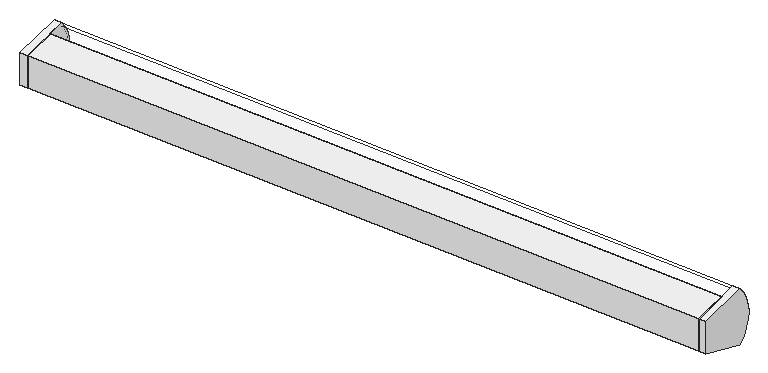
Revit family "67L-W-Bell", category Lighting Fixtures, host Wall, Revit 2014
Parameters (values of type "Note 67L-Matte White")
  Width = 48.00"
  Watts = 4.5 W
  Wattage Comments = "550 to 1800 lumens/ft"  # constant formula
  Wattage = 4.5 W
  built-in parameter 1150110 = 1 (stored number, unit not read)
  Voltage = 120 V
  URL = "https://www.hubbell.com/litecontrol/en/"
  Type Comments = "Lighting Fixture"  # constant formula
  built-in parameter 1114217 = 1 (stored number, unit not read)
  Tilt Angle = 0.00°
  built-in parameter 1150109 = 1 (stored number, unit not read)
  built-in parameter 1150134 = (empty or 0)
  built-in parameter 1150113 = 1 (stored number, unit not read)
  Photometric Web File = "67L-W-D-4-4-DM-C1-35K-D055.IES"
  Photometric Notes = "Photometric Web files Download in below link"  # constant formula
  Photometric Link = "https://resources.hubbelllighting.com/hubbelllightingci/photometry/?p=LITECONTROL/Wall/67L-W-D/"
  Glass = Hubbell - White Glass
  Product Page URL = "https://www.hubbell.com/hubbell/en/c/NOTE-67L-W-D/p/2056791"
  Product Documentation Link = "https://hubbellcdn.com/specsheet/67L-W-D.pdf"
  Power Factor = 1
  Model = "67L-W-Bell"  # constant formula
  Manufacturer = "Litecontrol"  # constant formula
  built-in parameter 1150105 = 43.33 (stored number, unit not read)
  Lumens = 544.5 lm
  built-in parameter 1150115 = 1 (stored number, unit not read)
  Load Classification = Lighting
  built-in parameter 1150137 = (empty or 0)
  built-in parameter 1150139 = (empty or 0)
  built-in parameter 1150112 = 1 (stored number, unit not read)
  built-in parameter 1150114 = 1 (stored number, unit not read)
  Lamp = "LED"  # constant formula
  built-in parameter 1150132 = (empty or 0)
  built-in parameter 1150102 = (empty or 0)
  built-in parameter 1150107 = 3500 (stored number, unit not read)
  built-in parameter 1150138 = (empty or 0)
  built-in parameter 1150106 = 0.4333 (stored number, unit not read)
  Emit from Rectangle Width = Width - 1.00"  # 47.00"
  Emit from Rectangle Length = 3.00"  # constant formula
  Emit Shape Visible in Rendering = no
  built-in parameter 1150104 = 11.241 (stored number, unit not read)
  Dimming Lamp Color Temperature Shift = <None>
  Description = "The NOTE 67L Wall Mount brings direct illumination, ADA compliance, performance and versatility, all within a slim profile and a fresh, contemporary style"  # constant formula
  Create Date = "03/21/2018"  # constant formula
  Contact Us = "https://www.hubbell.com/litecontrol/en/contactUs"
  Color Filter = 16777215
  Housing Material = Paint - Hubbell - Matte White
  built-in parameter 1114218 = 1 (stored number, unit not read)
  built-in parameter 1150133 = 10 (stored number, unit not read)
  Assembly Code = "D5020210"
  Apparent Load = Watts / Power Factor  # 4.5 VA
Types (6): name | Housing Material
  Note 67L-Carbon Black | Paint - Hubbell - Carbon Black
  Note 67L-Textured Matte White | Paint - Hubbell - Textured Matte White
  Note 67L-Light Silver | Paint - Hubbell - Light Silver
  Note 67L-Machined Aluminum | Paint - Hubbell - Machined Aluminum
  Note 67L-Textured Camera Black | Paint - Hubbell - Textured Camera Black
  Note 67L-Matte White | Paint - Hubbell - Matte White
Reference planes (in)
  plane 1 "Wall": y = 0
  plane 2 "Center (Left/Right)": x = 4.92126
  plane 3 "Back": y = 2.95276
  plane 4: y = 5.95276
  plane 5: z = 81.34304
Text (in)
  text "Placement Side" at (-36.97918, 19.73443, 0), in view "Ref. Level"
  text "Placement side" at (0, 27.32912, 79.68064), in view "Left"
  text "Placement side" at (0, 10.24977, 82.91007), in view "Right"
Dimensions and locks (in)
  locked: plane 3 "Back" to host wall
  locked: plane 3 "Back" to plane 4 at 3
  aligned and locked: plane 1 "Wall" to host wall
  aligned and locked: nested 1 to plane 2 "Center (Left/Right)"
  aligned and locked: nested 1 to plane 5
Nested families (in)
  nested 1: "Bell Light" at (2.87359, 2.95276, 81.30305) x (-1, 0, 0) z (0, 1, 0), Glass <- "Glass", Backbox <- "Housing Material", Row Length <- "Width", type "Bell Light"
    with Row Length 48.00", Glass Hubbell - White Glass, Backbox Paint - Hubbell - Matte White
Connectors (in)
  electrical at (4.92126, 2.95276, 81.34499), driven by "Load Classification", driven by "Voltage", driven by "Apparent Load", driven by "Power Factor"
    settings: on nested 1, index 1, voltage 120 V, apparent load 4.5 VA, apparent load phase1 0 VA, apparent load phase2 0 VA, apparent load phase3 0 VA, power factor 1, load classification "Lighting", number of poles 1, system type 30, power factor state 1, is connector primary yes, connector utility no, sub classification motor no, connector description "Lighting Connector"
Definition of nested family "Bell Light"
  Parameters (values of type "Bell Light")
    Wattage Comments = ""
    URL = ""
    Row Length [instance] = 24.00"
    Product Page URL = ""
    Product Documentation Link = ""
    Model = ""
    Manufacturer Phone = ""
    Manufacturer Fax = ""
    Manufacturer = ""
    Lamp = ""
    Glass [instance] = none
    Description = ""
    Default Elevation = 48.00"
    Backbox [instance] = none
  Reference planes (in)
    plane 1 "Center (Front/Back)": y = 0.03999
    plane 2: z = 0
    plane 3 "Center (Left/Right)": x = -2.04767
    plane 4: x = -14.04767
    plane 5: x = 9.95233
    plane 6: x = -13.54767
    plane 7: x = 9.45233
    plane 8: z = 3.7
    plane 9: y = -1.71001
    plane 10: y = 1.78999
    plane 11: z = 2
    plane 12: y = -0.96001
    plane 13: y = 1.03999
  Forms (in)
    Extrusion 1, solid
      sketch origin (0, 0, 0.06357) x (1, 0, 0) y (0, 1, 0)
        loop
          line (-48, 48) -> (-48, -48) -> (48, -48) -> (48, 48) -> (-48, 48)
      from -0.06357 to -6.06357
    Extrusion 2, solid, material <- "Backbox"
      sketch origin (-2.04767, 0, 0) x (0, 1, 0) y (0, 0, 1)
        loop
          line (-0.96001, 0) -> (1.0439, 0) -> (1.78999, 2.98437)
          arc (1.78999, 2.98437) -> (0.04194, 3.7) -> (-1.7061, 2.98437) r 2.49278
          line (-1.7061, 2.98437) -> (-0.96001, 0)
      from 11.5 to 12
    Extrusion 3, solid, material <- "Backbox"
      sketch origin (-2.04767, 0, 0) x (0, 1, 0) y (0, 0, 1)
        loop
          line (-0.96001, 0) -> (1.0439, 0) -> (1.78999, 2.98437)
          arc (1.78999, 2.98437) -> (0.04194, 3.7) -> (-1.7061, 2.98437) r 2.49278
          line (-1.7061, 2.98437) -> (-0.96001, 0)
      from -11.5 to -12
    Extrusion 4, solid, material <- "Glass"
      sketch origin (-2.04767, 0, 0) x (0, 1, 0) y (0, 0, 1)
        loop
          line (1.5439, 2) -> (1.78999, 2.98437)
          arc (1.78999, 2.98437) -> (0.04194, 3.7) -> (-1.7061, 2.98437) r 2.49278
          line (-1.7061, 2.98437) -> (-1.46001, 2) -> (-1.33116, 2) -> (-1.56721, 2.94418)
          arc (-1.56721, 2.94418) -> (0.04194, 3.575) -> (1.65109, 2.94418) r 2.36778
          line (1.65109, 2.94418) -> (1.41505, 2) -> (1.5439, 2)
      from -11.5 to 11.5
    Extrusion 5, solid, material <- "Backbox"
      sketch origin (-2.04767, 0, 0) x (0, 1, 0) y (0, 0, 1)
        loop
          line (-0.96001, 0) -> (1.0439, 0) -> (1.5439, 2) -> (-1.46001, 2) -> (-0.96001, 0)
      from -11.5 to 11.5
  Dimensions and locks (in)
    equal spacing: plane 5, plane 3 "Center (Left/Right)", plane 4
    plane 6 to plane 4 = 0.50"
    "Row Length": plane 5 to plane 4
    equal spacing: plane 7, plane 3 "Center (Left/Right)", plane 6
    locked: plane 8 to Extrusion 1 at 3.7
    locked: plane 1 "Center (Front/Back)" to plane 9 at 1.75
    locked: plane 10 to plane 9 at 3.5
    locked: plane 13 to plane 12 at 2
    aligned and locked: plane 2 to Extrusion 1
    aligned and locked: level to Extrusion 1
    aligned and locked: plane 5 to Extrusion 2
    aligned and locked: Extrusion 2 to plane 7
    aligned and locked: plane 7 to Extrusion 5
    aligned and locked: Extrusion 5 to plane 6
    aligned and locked: Extrusion 3 to plane 4
    aligned and locked: plane 6 to Extrusion 3
    aligned and locked: Extrusion 5 sketch curve to level
    aligned and locked: Extrusion 5 to Extrusion 3 sketch curve
    aligned and locked: Extrusion 2 sketch curve to Extrusion 3  (x2)
    aligned and locked: Extrusion 4 to plane 6
    aligned and locked: plane 7 to Extrusion 4
    aligned and locked: Extrusion 3 to Extrusion 2 sketch curve
    aligned and locked: Extrusion 2 to Extrusion 5
    aligned and locked: Extrusion 5 to Extrusion 2
    aligned and locked: plane 11 to Extrusion 5
    aligned and locked: Extrusion 3 to Extrusion 4 sketch curve
    aligned and locked: Extrusion 4 sketch curve to Extrusion 3  (x2)
  Automatic sketch dimensions
    Extrusion 1 sketch curve to Extrusion 1 sketch curve = 96.00"  (x2)
    Extrusion 2 sketch curve to plane 10 = 0.74609"
    Extrusion 5 sketch curve to plane 9 = 0.25"
    Extrusion 5 sketch curve to plane 9 = 0.75"
    Extrusion 5 sketch curve to plane 10 = 0.74609"
    Extrusion 5 sketch curve to plane 10 = 0.24609"
    Extrusion 5 sketch curve to plane 8 = 1.70"
    plane 11 to Extrusion 4 sketch curve = 0.00"  (x2)
    Extrusion 4 sketch curve to Extrusion 4 sketch curve = 0.12885"  (x2)
    Extrusion 4 sketch curve to plane 10 = 0.1389"
    Extrusion 3 sketch curve to plane 10 = 0.00"
    Extrusion 3 sketch curve to plane 10 = 0.74609"
    Extrusion 3 sketch curve to plane 1 "Center (Front/Back)" = 0.00195"
    Extrusion 3 sketch curve to plane 9 = 0.75"
    Extrusion 3 sketch curve to plane 9 = 0.00391"
    plane 11 to Extrusion 3 sketch curve = 0.79277"
    Extrusion 3 sketch curve to plane 8 = 0.71562"
    Extrusion 2 sketch curve to plane 10 = 0.00"
    Extrusion 4 sketch curve to Extrusion 4 sketch curve = 0.0402"  (x2)
    Extrusion 4 sketch curve to Extrusion 4 sketch curve = 0.00"  (x2)
